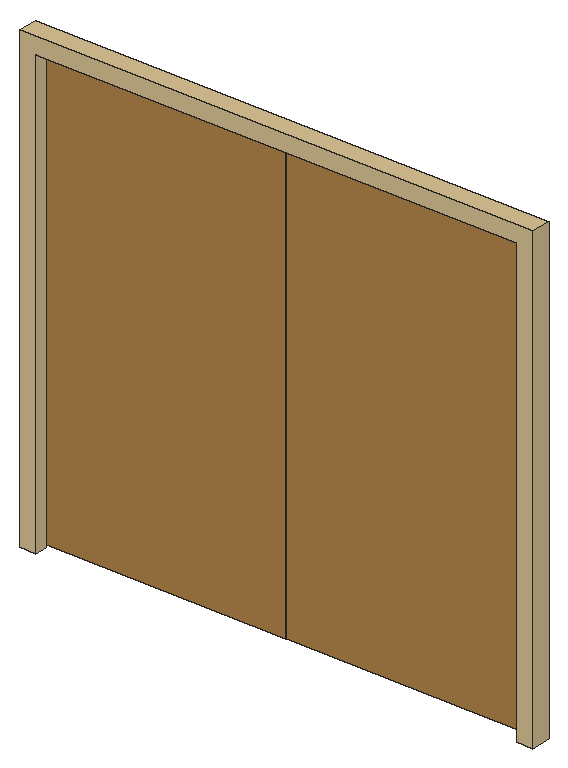
Revit family "Garage", category Doors, host Wall, Revit 2023
Family settings
  Host = Wall
  Always vertical = Yes
  Cut with Voids When Loaded = No
  Shared = No
  Room Calculation Point = No
Parameters (values of type "2270x2050mm")
  Wrap Layers (Ext) from Ext = 102.5 mm
  Wrap Layers (Int) from Ext = 177.5 mm
  Visual Light Transmittance = 0
  Vis - Cavity Closers = yes
  Type Comments = "External Garage"
  Thickness = Door Panel Thickness  # 32.0 mm
  Stile Top Rail = 200.0 mm
  Stile Shutting = 100.0 mm
  Stile Lock Rail = 200.0 mm
  Stile Hanging = 175.0 mm
  Stile Bottom Rail = 250.0 mm
  Solar Heat Gain Coefficient = 0
  Rough Width = Width  # 2270.0 mm
  Rough Height = Height  # 2050.0 mm
  Operation = "DoubleDoorSingleSwing"
  O/A Frame Width = 64.0 mm
  Define Thermal Properties by = Schematic Type
  Construction Type Id = "MDOOR"
  Manufacturer = "Revit"
  Keynote = "L20"
  Heat Transfer Coefficient (U) = 3.7021 W/(m²·K)
  Handle Z Distance = 1050.0 mm
  Glazing Panel Height = 450.0 mm
  Function = Exterior
  FrameWidth = 42.0 mm
  FrameOffset - External = 25.0 mm
  FrameDepth = 89.0 mm
  Door Panel Thickness = 32.0 mm
  Height = 2050.0 mm
  Material Door = Door - Panel
  Material Frame = Door - Frame/Mullion
  Structural Tolerance = 8.0 mm
  Tolerance = 3.0 mm
  Undercut = 10.0 mm
  Wall Closure = By host
  Width = 2270.0 mm
  Cavity Closer Width = 50.0 mm
  Cavity Closer Offset from Ext = 102.5 mm
  Cavity Closer Depth = 75.0 mm
  Analytic Construction = "Metal"
Types (2, lengths in mm): name | Stile Top Rail | Stile Shutting | Stile Hanging | Stile Bottom Rail | Rough Height | Height | Cavity Closer Depth
  2270x2050mm | 200.0 | 100.0 | 175.0 | 250.0 | 2050.0 | 2050.0 | 75.0
  2270x2200mm | 100.0 | 75.0 | 75.0 | 25.0 | 2200.0 | 2200.0 | 85.0
Reference planes
  plane 1: y = 0
  plane 2 "Center L/R": x = 0
  plane 3 "Left": x = -1135
  plane 4 "Right": x = 1135
  plane 5 "Head Opening": z = 2050
  plane 6 "Exterior": y = 150
  plane 7 "Interior": y = -150
  plane 8 "ST left": x = -1127
  plane 9 "ST right": x = 1127
  plane 10 "Int frame left": x = -1085
  plane 11 "Int frame right": x = 1085
  plane 12 "Left T": x = -1082
  plane 13 "RHS Leaf Edge": x = 1082
  plane 14: z = 2042
  plane 15: z = 2000
  plane 16: z = 1997
  plane 17 "Tol Behind Door Panel": y = 90
  plane 18 "LHS Leaf Edge": x = -1082
  plane 19: z = 0
  plane 20 "Door Face": y = 125
  plane 21: y = 36
  plane 22: z = 10
  plane 23: z = 0
  plane 24 "Front Cavity Closer": y = 47.5
  plane 25 "Mid LHS Leaf": x = -1.5
  plane 26 "Mid RHS Leaf": x = 1.5
  plane 27: y = 62
  plane 28 "Back of Door": y = 93
  plane 29: z = 1797
  plane 30: x = 907
  plane 31: x = 101.5
  plane 32: z = 260
  plane 33: x = -101.5
  plane 34: x = -907
  plane 35: y = 47.5
  plane 36: y = -27.5
Forms (mm)
  Sweep 1, solid, material "Door - Frame/Mullion" <- "Material Frame"
    path origin (0, 125, 0) x (1, 0, 0) y (0, 0, 1)
      loop
        line (1127, 0) -> (1127, 2042) -> (-1127, 2042) -> (-1127, 0)
    profile origin (0, 0, 1021) x (-1, 0, 0) y (0, -1, 0)
      loop
        line (-1135, -125) -> (-1085, -125) -> (-1085, -90) -> (-1063, -90) -> (-1063, -36) -> (-1135, -36) -> (-1135, -125)
  Extrusion 2, solid, material "Door - Panel" <- "Material Door"
    sketch origin (0, 125, 0) x (1, 0, 0) y (0, 0, 1)
      loop
        line (1082, 10) -> (1082, 1997) -> (1.5, 1997) -> (1.5, 10) -> (1082, 10)
      loop
        line (-1.5, 10) -> (-1.5, 1997) -> (-1082, 1997) -> (-1082, 10) -> (-1.5, 10)
    from 0 to 32
  Extrusion 3, void
    sketch origin (0, 125, 0) x (-1, 0, 0) y (0, 0, 1)
      loop
        line (-907, 260) -> (-101.5, 260) -> (-101.5, 1797) -> (-907, 1797) -> (-907, 260)
      loop
        line (101.5, 1797) -> (101.5, 260) -> (907, 260) -> (907, 1797) -> (101.5, 1797)
    from 0 to -5
Cuts and joins
  Extrusion 3 cuts Sweep 1
  Extrusion 3 cuts Extrusion 2
Lines and regions (mm)
  Opening 1
    outline origin (-5000, -150, 0) x (1, 0, 0) y (0, 0, 1)
      loop
        line (6135, 2050) -> (3865, 2050) -> (3865, 0) -> (6135, 0) -> (6135, 2050)
  Masking region 1, detail levels medium+fine
    outline origin (0, 0, 0) x (1, 0, 0) y (0, 1, 0)
      loop
        line (-1082, 1204.5) -> (-1082, 125) -> (-1050, 125) -> (-1050, 1204.5) -> (-1082, 1204.5)
      loop
        line (1082, 124) -> (1082, 1204.5) -> (1038, 1204.5) -> (1038, 124) -> (1082, 124)
  symbolic lines, style "Cavity Closer", visible <- "Vis - Cavity Closers", detail levels medium+fine
    curve 1: line (-1185, -27.5, 0) -> (-1135, -27.5, 0)
    curve 2: line (-1185, 47.5, 0) -> (-1185, -27.5, 0)
    curve 3: line (-1135, 47.5, 0) -> (-1185, 47.5, 0)
    curve 4: line (-1135, -27.5, 0) -> (-1135, 47.5, 0)
    curve 5: line (1135, -27.5, 0) -> (1185, -27.5, 0)
    curve 6: line (1135, 47.5, 0) -> (1135, -27.5, 0)
    curve 7: line (1185, 47.5, 0) -> (1135, 47.5, 0)
    curve 8: line (1185, -27.5, 0) -> (1185, 47.5, 0)
    curve 9: line (-1185, -27.5, 0) -> (-1135, 47.5, 0)
    curve 10: line (-1185, 47.5, 0) -> (-1135, -27.5, 0)
    curve 11: line (1135, -27.5, 0) -> (1185, 47.5, 0)
    curve 12: line (1135, 47.5, 0) -> (1185, -27.5, 0)
  symbolic lines, style "Elevation Swing"
    curve 13: line (0, 0, 0) -> (1063, 0, 998.5)
    curve 14: line (1063, 0, 998.5) -> (0, 0, 1978)
    curve 15: line (0, 0, 1978) -> (-1063, 0, 998.5)
    curve 16: line (0, 0, 0) -> (-1063, 0, 998.5)
  symbolic lines, style "DoorsPanelProjection", detail levels medium+fine
    curve 17: line (1082, 124, 0) -> (1038, 124, 0)
    curve 19: line (1082, 1204.5, 0) -> (1038, 1204.5, 0)
    curve 20: line (1038, 124, 0) -> (1038, 1204.5, 0)
    curve 23: line (-1082, 125, 0) -> (-1050, 125, 0)
    curve 25: line (-1082, 1204.5, 0) -> (-1050, 1204.5, 0)
    curve 26: line (-1050, 125, 0) -> (-1050, 1204.5, 0)
  symbolic lines, style "DoorsPanelProjection"
    curve 18: line (1082, 1204.5, 0) -> (1082, 124, 0)
    curve 24: line (-1082, 1204.5, 0) -> (-1082, 125, 0)
    curve 46: line (907, 0, 1797) -> (907, 0, 260)
    curve 47: line (907, 0, 260) -> (101.5, 0, 260)
    curve 48: line (101.5, 0, 260) -> (101.5, 0, 1797)
    curve 49: line (101.5, 0, 1797) -> (907, 0, 1797)
    curve 50: line (-907, 0, 1797) -> (-101.5, 0, 1797)
    curve 51: line (-101.5, 0, 1797) -> (-101.5, 0, 260)
    curve 52: line (-101.5, 0, 260) -> (-907, 0, 260)
    curve 53: line (-907, 0, 260) -> (-907, 0, 1797)
  symbolic lines, style "Plan Swing"
    curve 21: arc (1.5, 124, 0) -> (317.971, 888.029, 0) -> (1082, 1204.5, 0) r 1080.5
    curve 22: arc (-1.5, 124, 0) -> (-317.971, 888.029, 0) -> (-1082, 1204.5, 0) r 1080.5
  model lines, detail levels medium+fine
    curve 27: line (585.8, 125, 260) -> (585.8, 125, 1797)
    curve 28: line (-423.7, 125, 260) -> (-423.7, 125, 1797)
    curve 29: line (584.8, 125, 260) -> (584.8, 125, 1797)
    curve 30: line (-504.25, 125, 260) -> (-504.25, 125, 1797)
    curve 31: line (504.25, 125, 260) -> (504.25, 125, 1797)
    curve 32: line (-584.8, 125, 260) -> (-584.8, 125, 1797)
    curve 33: line (423.7, 125, 260) -> (423.7, 125, 1797)
    curve 34: line (-665.35, 125, 260) -> (-665.35, 125, 1797)
    curve 35: line (343.15, 125, 260) -> (343.15, 125, 1797)
    curve 36: line (-745.9, 125, 260) -> (-745.9, 125, 1797)
    curve 37: line (262.6, 125, 260) -> (262.6, 125, 1797)
    curve 38: line (-826.45, 125, 260) -> (-826.45, 125, 1797)
    curve 39: line (182.05, 125, 260) -> (182.05, 125, 1797)
    curve 40: line (-262.6, 125, 260) -> (-262.6, 125, 1797)
    curve 41: line (745.9, 125, 260) -> (745.9, 125, 1797)
    curve 42: line (-343.15, 125, 260) -> (-343.15, 125, 1797)
    curve 43: line (665.35, 125, 260) -> (665.35, 125, 1797)
    curve 44: line (-182.05, 125, 260) -> (-182.05, 125, 1797)
    curve 45: line (826.45, 125, 260) -> (826.45, 125, 1797)
Text (mm)
  text "Exterior" at (-1796.445, 976.134, 0), in view "Ref. Level"
  text "Exterior" at (0, 1615.38, 2893.938), in view "Left"
  text "Exterior" at (0, 1036.032, 3874.932), in view "Right"
Dimensions and locks
  equal spacing: plane 3 "Left", plane 2 "Center L/R", plane 4 "Right"
  "Width": plane 3 "Left" to plane 4 "Right"
  "Height": level to plane 5 "Head Opening"
  locked: plane 6 "Exterior" to host wall at 0
  locked: plane 7 "Interior" to host wall
  "Structural Tolerance": plane 3 "Left" to plane 8 "ST left"
  "Structural Tolerance": plane 9 "ST right" to plane 4 "Right"
  "Tolerance": plane 13 "RHS Leaf Edge" to plane 11 "Int frame right"
  "Structural Tolerance": plane 5 "Head Opening" to plane 14
  "Tolerance": plane 15 to plane 16
  "Tolerance": plane 10 "Int frame left" to plane 18 "LHS Leaf Edge"
  "FrameDepth": plane 21 to plane 20 "Door Face"
  "FrameWidth": plane 8 "ST left" to plane 10 "Int frame left"
  "FrameWidth": plane 11 "Int frame right" to plane 9 "ST right"
  "O/A Frame Width": Sweep 1 sketch curve to plane 9 "ST right"
  "FrameOffset - External": plane 20 "Door Face" to plane 6 "Exterior"
  "Undercut": plane 23 to plane 22
  "FrameWidth": plane 14 to plane 15
  "Cavity Closer Offset from Ext": plane 24 "Front Cavity Closer" to plane 6 "Exterior"
  "Cavity Closer Depth": curve 1 to plane 24 "Front Cavity Closer"
  "Cavity Closer Depth": curve 5 to plane 24 "Front Cavity Closer"
  "Cavity Closer Width": curve 2 to plane 3 "Left"
  "Cavity Closer Width": plane 4 "Right" to curve 8
  "Cavity Closer Offset from Ext": nested 2 to plane 6 "Exterior"
  "Tolerance": plane 25 "Mid LHS Leaf" to plane 26 "Mid RHS Leaf"
  equal spacing: plane 25 "Mid LHS Leaf", plane 2 "Center L/R", plane 26 "Mid RHS Leaf"
  equal spacing: level, curve 14, plane 16
  equal spacing: level, curve 16, plane 16
  "Door Panel Thickness": curve 24 to curve 26
  "Door Panel Thickness": plane 28 "Back of Door" to plane 20 "Door Face"
  "Tolerance": plane 17 "Tol Behind Door Panel" to plane 28 "Back of Door"
  "Stile Hanging": plane 13 "RHS Leaf Edge" to plane 30
  "Stile Hanging": plane 18 "LHS Leaf Edge" to plane 34
  "Stile Bottom Rail": plane 22 to plane 32
  "Stile Top Rail": plane 29 to plane 16
  "Stile Shutting": plane 26 "Mid RHS Leaf" to plane 31
  "Stile Shutting": plane 33 to plane 25 "Mid LHS Leaf"
  equal spacing: plane 30, curve 45, curve 41, curve 43, curve 29, curve 31, curve 33, curve 35, curve 37, curve 39, plane 31
  equal spacing: plane 33, curve 44, curve 40, curve 42, curve 28, curve 30, curve 32, curve 34, curve 36, curve 38, plane 34
  "Wrap Layers (Ext) from Ext": plane 35 to plane 6 "Exterior"
  "Wrap Layers (Int) from Ext": plane 36 to plane 6 "Exterior"
  aligned and locked: plane 1 to host wall
  aligned and locked: plane 9 "ST right" to Sweep 1 sketch curve
  aligned and locked: plane 14 to Sweep 1 sketch curve
  aligned and locked: profile plane to plane 9 "ST right"
  aligned and locked: Sweep 1 sketch curve to plane 4 "Right"
  aligned and locked: plane 11 "Int frame right" to Sweep 1 sketch curve
  aligned and locked: plane 21 to Sweep 1 sketch curve
  aligned and locked: Sweep 1 sketch curve to plane 20 "Door Face"
  aligned and locked: plane 3 "Left" to nested 1
  aligned and locked: nested 1 to plane 24 "Front Cavity Closer"
  aligned and locked: nested 2 to plane 4 "Right"
  aligned and locked: level to Sweep 1 sketch curve  (x2)
  aligned and locked: level to plane 23
  aligned and locked: Sweep 1 sketch curve to plane 17 "Tol Behind Door Panel"
  aligned and locked: plane 18 "LHS Leaf Edge" to plane 12 "Left T"
  aligned and locked: plane 22 to Extrusion 2 sketch curve  (x2)
  aligned and locked: plane 26 "Mid RHS Leaf" to Extrusion 2 sketch curve
  aligned and locked: Extrusion 2 sketch curve to plane 25 "Mid LHS Leaf"
  aligned and locked: Extrusion 2 sketch curve to plane 16  (x2)
  aligned and locked: Extrusion 2 sketch curve to plane 13 "RHS Leaf Edge"
  aligned and locked: plane 18 "LHS Leaf Edge" to Extrusion 2 sketch curve
  aligned and locked: Extrusion 2 to plane 28 "Back of Door"
  aligned and locked: curve 46 to cut or joined group of Extrusion 2, Extrusion 3
  aligned and locked: curve 47 to cut or joined group of Extrusion 2, Extrusion 3
  aligned and locked: curve 48 to cut or joined group of Extrusion 2, Extrusion 3
  aligned and locked: curve 49 to cut or joined group of Extrusion 2, Extrusion 3
  aligned and locked: curve 50 to cut or joined group of Extrusion 2, Extrusion 3
  aligned and locked: curve 51 to cut or joined group of Extrusion 2, Extrusion 3
  aligned and locked: curve 52 to cut or joined group of Extrusion 2, Extrusion 3
  aligned and locked: curve 53 to cut or joined group of Extrusion 2, Extrusion 3
  aligned and locked: Extrusion 3 sketch curve to plane 29
  aligned and locked: plane 29 to Extrusion 3 sketch curve
  aligned and locked: plane 24 "Front Cavity Closer" to nested 2
  aligned and locked: Masking region 1 sketch curve to curve 24
  aligned and locked: Masking region 1 sketch curve to curve 26
  aligned and locked: Masking region 1 sketch curve to curve 25
  aligned and locked: Masking region 1 sketch curve to curve 23
  aligned and locked: Masking region 1 sketch curve to curve 17
  aligned and locked: Masking region 1 sketch curve to curve 20
  aligned and locked: Masking region 1 sketch curve to curve 18
  aligned and locked: Masking region 1 sketch curve to curve 19
Automatic sketch dimensions
  Sweep 1 sketch curve to plane 8 "ST left" = 0.0 mm
  curve 4 to plane 3 "Left" = 0.0 mm
  curve 12 to plane 4 "Right" = 0.0 mm
  curve 4 to plane 24 "Front Cavity Closer" = 0.0 mm
  curve 6 to plane 24 "Front Cavity Closer" = 0.0 mm
  curve 22 to plane 12 "Left T" = 0.0 mm
  curve 22 to plane 25 "Mid LHS Leaf" = 0.0 mm
  curve 21 to plane 26 "Mid RHS Leaf" = 0.0 mm
  curve 17 to plane 13 "RHS Leaf Edge" = 0.0 mm
  plane 20 "Door Face" to curve 20 = 1.0 mm
  plane 13 "RHS Leaf Edge" to curve 20 = 44.0 mm
  curve 21 to curve 17 = 0.0 mm
  plane 20 "Door Face" to curve 22 = 1.0 mm
  curve 26 to plane 20 "Door Face" = 0.0 mm
  Extrusion 3 sketch curve to plane 30 = 0.0 mm
  Extrusion 3 sketch curve to plane 31 = 0.0 mm
  Extrusion 3 sketch curve to plane 33 = 0.0 mm
  Extrusion 3 sketch curve to plane 34 = 0.0 mm
  Extrusion 3 sketch curve to plane 32 = 0.0 mm  (x2)
  curve 15 to plane 2 "Center L/R" = 0.0 mm
  curve 30 to plane 32 = 0.0 mm
  curve 44 to plane 32 = 0.0 mm
  curve 31 to plane 32 = 0.0 mm
  curve 43 to plane 32 = 0.0 mm
  curve 32 to plane 32 = 0.0 mm
  curve 42 to plane 32 = 0.0 mm
  curve 45 to plane 32 = 0.0 mm
  curve 41 to plane 32 = 0.0 mm
  curve 34 to plane 32 = 0.0 mm
  curve 29 to plane 32 = 0.0 mm
  curve 35 to plane 32 = 0.0 mm
  curve 40 to plane 32 = 0.0 mm
  curve 36 to plane 32 = 0.0 mm
  curve 27 to plane 32 = 0.0 mm
  curve 37 to plane 32 = 0.0 mm
  curve 33 to plane 32 = 0.0 mm
  curve 38 to plane 32 = 0.0 mm
  curve 28 to plane 32 = 0.0 mm
  curve 39 to plane 32 = 0.0 mm
  curve 16 to level = 0.0 mm
  plane 16 to curve 15 = 19.0 mm
  curve 16 to plane 12 "Left T" = 19.0 mm
  curve 29 to curve 27 = 1.0 mm
  plane 13 "RHS Leaf Edge" to curve 13 = 19.0 mm
  curve 45 to curve 46 = 0.0 mm
  curve 44 to curve 50 = 0.0 mm
  curve 43 to curve 45 = 0.0 mm
  curve 42 to curve 44 = 0.0 mm
  curve 41 to curve 45 = 0.0 mm
  curve 40 to curve 42 = 0.0 mm
  curve 33 to curve 43 = 0.0 mm
  curve 39 to curve 48 = 0.0 mm
  curve 38 to curve 50 = 0.0 mm
  curve 37 to curve 39 = 0.0 mm
  curve 36 to curve 38 = 0.0 mm
  curve 27 to curve 43 = 0.0 mm
  curve 35 to curve 33 = 0.0 mm
  curve 28 to curve 42 = 0.0 mm
  curve 34 to curve 36 = 0.0 mm
  curve 29 to curve 27 = 0.0 mm
  curve 30 to curve 28 = 0.0 mm
  curve 32 to curve 30 = 0.0 mm
  curve 31 to curve 29 = 0.0 mm
  Opening 1 sketch curve to plane 3 "Left" = 0.0 mm
  Opening 1 sketch curve to level = 0.0 mm
  Opening 1 sketch curve to plane 4 "Right" = 0.0 mm
  Opening 1 sketch curve to plane 5 "Head Opening" = 0.0 mm
  curve 13 to plane 2 "Center L/R" = 0.0 mm
Nested families
  nested 1: "Cavity Closer" at (-1185, 47.5, 0), visible <- "Vis - Cavity Closers", type "Cavity Closer", detail levels medium+fine
  nested 2: "Cavity Closer" at (1135, 47.5, 0), visible <- "Vis - Cavity Closers", type "Cavity Closer", detail levels medium+fine
Definition of nested family "Cavity Closer"
  Parameters
    Closer Width = 50.0 mm
    Closer Depth = 75.0 mm
  Reference planes
    plane 1 "Center (Front/Back)": y = 0
    plane 2: z = 0
    plane 3 "Center (Left/Right)": x = 0
    plane 4: x = 50, in view "Ref. Level"
    plane 5: y = -75, in view "Ref. Level"
  Lines and regions (mm)
    Masking region 1, in view "Ref. Level"
      outline origin (0, 0, 0) x (1, 0, 0) y (0, 1, 0)
        loop
          line (0, 0) -> (0, -75) -> (50, -75) -> (50, 0) -> (0, 0)
  Dimensions and locks
    "Closer Width": plane 3 "Center (Left/Right)" to plane 4
    "Closer Depth": plane 5 to plane 1 "Center (Front/Back)"
  Automatic sketch dimensions
    Masking region 1 sketch curve to plane 3 "Center (Left/Right)" = 0.0 mm
    Masking region 1 sketch curve to plane 4 = 0.0 mm
    Masking region 1 sketch curve to plane 5 = 0.0 mm
    Masking region 1 sketch curve to plane 1 "Center (Front/Back)" = 0.0 mm
